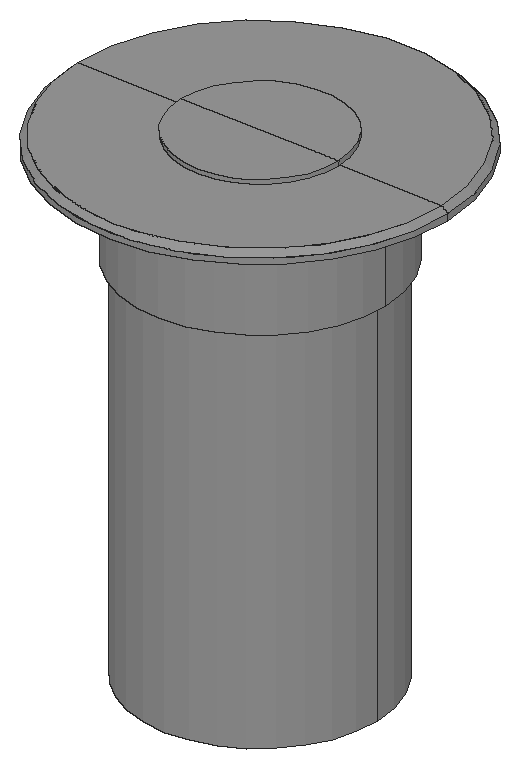
Revit family "Interrata - Copy - Copy (2)", category Lighting Fixtures, host Face, Revit 2017
Family settings
  Host = Face
  Round Connector Dimension = Use Diameter
  Part Type = Normal
  OmniClass Number = 23.80.70.00
  OmniClass Title = Lighting
  Cut with Voids When Loaded = No
  Light Source = No
  Shared = No
  Room Calculation Point = No
Parameters (values of type "0049039")
  XS_SYL = yes
  Weight = ""
  Wattage Comments = ""
  WarrantyStartDate [instance] = "n/a"
  WarrantyGuarantorParts = "n/a"
  WarrantyDurationUnit = "n/a"
  WarrantyDurationParts = "n/a"
  WarrantyDescription = "n/a"
  Voltage = 0 V
  URL = "http://www.sylvania-lighting.com"
  TypeName = ""
  TypeLamp_SYL = Interrata Lamp : 0049039 INTERRATA XS  CLEAR 100LM 840 NB
  Type Image = <None>
  Type Comments = "n/a"
  Thickness_SYL = 2.5 mm  # constant formula
  Step2_SYL = if(XS_SYL, 99.8 mm, if(S_SYL, 121 mm, if(L_SYL, 236 mm, 206 mm)))  # 99.8 mm
  Step1_SYL = if(XS_SYL, 26.2 mm, if(S_SYL, 15 mm, if(L_SYL, 19.5 mm, 17.5 mm)))  # 26.2 mm
  SerialNumber [instance] = "n/a"
  S_SYL = no
  RotationAngle_SYL [instance] = 0.00°
  RingHeight_SYL = if(XS_SYL, 3 mm, if(S_SYL, 3 mm, if(L_SYL, 4 mm, 2.8 mm)))  # 3 mm
  RevolutionAxisFromRefLevel_SYL = if(XS_SYL, 27 mm, if(S_SYL, 45 mm, if(L_SYL, 74 mm, 59.5 mm)))  # 27 mm
  Radius_SYL = if(XS_SYL, 50 mm, if(S_SYL, 60 mm, if(L_SYL, 130 mm, 100 mm)))  # 50 mm
  Radius3_SYL = if(XS_SYL, 31.5 mm, if(S_SYL, 41.7 mm, if(L_SYL, 112 mm, 96 mm)))  # 31.5 mm
  Radius2_SYL = if(XS_SYL, 33.5 mm, if(S_SYL, 53 mm, if(L_SYL, 124 mm, 98 mm)))  # 33.5 mm
  Material_3_SYL = none
  PowerFactor = 0
  PowerConsumption = ""
  NominalLength = 0 mm
  NominalHeight = 0 mm
  NominalDepth = 0 mm
  Name = ""
  ModelReference = Name  # ""
  ModelNumber = ""
  Model = Name  # ""
  Material = ""
  ManufacturerName = "Feilo Sylvania"
  Manufacturer = "Feilo Sylvania"
  L_SYL = no
  LuminousEfficacy = ""
  LuminaireType = ""
  LightOutputRatio = ""
  LampsType = Lamp  # ""
  EndAngle_SYL [instance] = RotationAngle_SYL + 180.00°  # 180.00°
  BodyThickness_SYL = 3 mm  # constant formula
  BodyHeight3_SYL = if(XS_SYL, 80 mm, if(S_SYL, 45 mm, if(L_SYL, 21 mm, 29.4 mm)))  # 80 mm
  BodyRad_SYL = if(XS_SYL, 30 mm, if(S_SYL, 50 mm, if(L_SYL, 120 mm, 95 mm)))  # 30 mm
  LampNominalLuminous = ""
  LampMacAdamStep = ""
  BodyRad2_SYL = if(XS_SYL, 16.5 mm, if(S_SYL, 35.5 mm, if(L_SYL, 82.5 mm, 54.5 mm)))  # 16.5 mm
  BodyRad1_SYL = if(XS_SYL, 23.6 mm, if(S_SYL, 35.5 mm, if(L_SYL, 99.4 mm, 68.5 mm)))  # 23.6 mm
  BodyHeight4_SYL = if(XS_SYL, 5.5 mm, if(S_SYL, 45 mm, if(L_SYL, 82.2 mm, 66.6 mm)))  # 5.5 mm
  BodyHeight2_SYL = if(XS_SYL, 4.5 mm, if(S_SYL, 5.5 mm, if(L_SYL, 34 mm, 19.5 mm)))  # 4.5 mm
  BodyHeight1_SYL = if(XS_SYL, 4.5 mm, if(S_SYL, 4 mm, if(L_SYL, 14 mm, 9.5 mm)))  # 4.5 mm
  LampColourTemperature = ""
  LampColourRenderingIndex = ""
  Lamp = ""
  Keynote = "16500"
  InstallationDate [instance] = "n/a"
  InputVoltage = ""
  InputNominalFrequency = ""
  IngressProtection = ""
  ImpactProtectionIndex = ""
  IfcExportType = "IfcLightFixtureType"
  IfcExportAs = "IfcLightFixtureType"
  ElectricShockClassification = ""
  DocumentationLiterature = ""
  DimmingControlOptions = ""
  Material_2_SYL = Polycarbonate, Clear
  DiffuserRad_SYL = if(XS_SYL, 21 mm, if(S_SYL, 33 mm, if(L_SYL, 94 mm, 66 mm)))  # 21 mm
  Description = ""
  Default Elevation = 100 mm
  CreatedOn = ""
  CreatedBy = ""
  Cost = 0
  built-in parameter 1114216 [instance] = (empty or 0)
  ClassificationValue = "EF_70_80"
  ClassificationName = "Uniclass2015"
  Material_1_SYL = Stainless Steel
  Chamfer_SYL = 1.5 mm  # constant formula
  BarCode [instance] = "n/a"
  AssetType = ""
  AssetIdentifier [instance] = "n/a"
  Assembly Code = "D5020200"
  Apparent Load = 0 VA
  Material_4_SYL = none
Types (10, lengths in mm): name | XS_SYL | TypeLamp_SYL | Step2_SYL | Step1_SYL | S_SYL | RingHeight_SYL | RevolutionAxisFromRefLevel_SYL | Radius_SYL | Radius3_SYL | Radius2_SYL | L_SYL | BodyHeight3_SYL | BodyRad_SYL | BodyRad2_SYL | BodyRad1_SYL | BodyHeight4_SYL | BodyHeight2_SYL | BodyHeight1_SYL | DiffuserRad_SYL
  0049036 | yes | Interrata Lamp : 0049036 INTERRATA XS  FROSTED 100LM 830  | 99.8 | 26.2 | no | 3 | 27 | 50 | 31.5 | 33.5 | no | 80 | 30 | 16.5 | 23.6 | 5.5 | 4.5 | 4.5 | 21
  0049042 | no | Interrata Lamp : 0049042 INTERRATA ADJUSTABLE M  CL 1000LM 830 MB | 206 | 17.5 | no | 2.8 | 59.5 | 100 | 96 | 98 | no | 29.4 | 95 | 54.5 | 68.5 | 66.6 | 19.5 | 9.5 | 66
  0049043 | no | Interrata Lamp : 0049043 INTERRATA ADJUSTABLE M  CL 1000LM 840 MB | 206 | 17.5 | no | 2.8 | 59.5 | 100 | 96 | 98 | no | 29.4 | 95 | 54.5 | 68.5 | 66.6 | 19.5 | 9.5 | 66
  0049044 | no | Interrata Lamp : 0049044 INTERRATA ADJUSTABLE L  CL 2000LM 830 MB | 236 | 19.5 | no | 4 | 74 | 130 | 112 | 124 | yes | 21 | 120 | 82.5 | 99.4 | 82.2 | 34 | 14 | 94
  0049037 | yes | Interrata Lamp : 0049037 INTERRATA XS  FROSTED 100LM 840  | 99.8 | 26.2 | no | 3 | 27 | 50 | 31.5 | 33.5 | no | 80 | 30 | 16.5 | 23.6 | 5.5 | 4.5 | 4.5 | 21
  0049039 | yes | Interrata Lamp : 0049039 INTERRATA XS  CLEAR 100LM 840 NB | 99.8 | 26.2 | no | 3 | 27 | 50 | 31.5 | 33.5 | no | 80 | 30 | 16.5 | 23.6 | 5.5 | 4.5 | 4.5 | 21
  0049038 | yes | Interrata Lamp : 0049038 INTERRATA XS  CLEAR 100LM 830 NB | 99.8 | 26.2 | no | 3 | 27 | 50 | 31.5 | 33.5 | no | 80 | 30 | 16.5 | 23.6 | 5.5 | 4.5 | 4.5 | 21
  0049040 | no | Interrata Lamp : 0049040 INTERRATA ADJUSTABLE S  CL 400LM 830 MB | 121 | 15 | yes | 3 | 45 | 60 | 41.7 | 53 | no | 45 | 50 | 35.5 | 35.5 | 45 | 5.5 | 4 | 33
  0049041 | no | Interrata Lamp : 0049041 INTERRATA ADJUSTABLE S  CL 400LM 840 MB | 121 | 15 | yes | 3 | 45 | 60 | 41.7 | 53 | no | 45 | 50 | 35.5 | 35.5 | 45 | 5.5 | 4 | 33
  0049045 | no | Interrata Lamp : 0049045 INTERRATA ADJUSTABLE L  CL 2000LM 840 MB | 236 | 19.5 | no | 4 | 74 | 130 | 112 | 124 | yes | 21 | 120 | 82.5 | 99.4 | 82.2 | 34 | 14 | 94
Reference planes
  plane 1 "Center (Front/Back)": y = 0
  plane 2: z = 1.5
  plane 3 "Center (Left/Right)": x = 0
  plane 4: z = 3
  plane 5: x = -21
  plane 6: x = -48.5
  plane 7: x = -50
  plane 8: x = -33.5
  plane 9: z = 4
  plane 10: z = -26.2
  plane 11: z = -126
  plane 12: x = -31.5
  plane 13: x = -30
  plane 14: z = -4.5
  plane 15: z = -9
  plane 16: x = -31
  plane 17: z = -23.7
  plane 18: x = -29
  plane 19: z = -89
  plane 20: z = -94.5
  plane 21: x = -23.6
  plane 22: x = -16.5
  plane 23: x = -27
  plane 24: x = -20.6
  plane 25: x = -13.5
  plane 26: z = -91.5
  plane 27: z = -1.5
  plane 28: z = -27
Forms (mm)
  Revolve 1, solid, material "Stainless Steel" <- "Material_1_SYL"
    sketch origin (0, 0, 0) x (1, 0, 0) y (0, 0, 1)
      loop
        line (-21, 3) -> (-48.5, 3) -> (-50, 1.5) -> (-50, 0) -> (-33.5, 0) -> (-33.5, -26.2) -> (-31.5, -26.2) -> (-31.5, -126) -> (-29, -126) -> (-29, -23.7) -> (-31, -23.7) -> (-31, 0) -> (-21, 0) -> (-21, 3)
      axis (0, 3) -> (0, -126)
    angle from 360 to 0
  Revolve 2, void
    sketch origin (0, 0, 0) x (1, 0, 0) y (0, 0, 1)
      loop
        line (-33.5, 0) -> (-33.5, -126) -> (0, -126) -> (0, 0) -> (-33.5, 0)
      axis (0, 0) -> (0, -126)
    angle from 360 to 0
  Revolve 3, solid, material "Polycarbonate, Clear" <- "Material_2_SYL", detail levels medium+fine
    sketch origin (0, 0, 0) x (1, 0, 0) y (0, 0, 1)
      loop
        line (0, 4) -> (-21, 4) -> (-21, 1.5) -> (0, 1.5) -> (0, 4)
      axis (0, 4) -> (0, 1.5)
    angle from 360 to 0
  Revolve 4, solid, detail levels medium+fine
    sketch origin (0, 0, 0) x (1, 0, 0) y (0, 0, 1)
      loop
        line (-27, 0) -> (-30, 0) -> (-30, -4.5) -> (-23.6, -4.5) -> (-23.6, -9) -> (-16.5, -89) -> (-16.5, -94.5) -> (0, -94.5) -> (0, -91.5) -> (-13.5, -91.5) -> (-13.5, -88.322) -> (-20.6, -8.322) -> (-20.6, -1.5) -> (-27, -1.5) -> (-27, 0)
      axis (0, 0) -> (0, -94.5)
    angle from 360 to 0
  Revolve 5, solid
    sketch origin (-1524.19, -4572, -27) x (-1, 0, 0) y (0, -1, 0)
      loop
        line (-1524.19, -4572) -> (-1524.19, -4582) -> (-1514.19, -4582) -> (-1514.19, -4572) -> (-1524.19, -4572)
      axis (-1524.19, -4582) -> (-1524.19, -4572)
    angle from 0 <- "RotationAngle_SYL" to 180 <- "EndAngle_SYL"
Dimensions and locks
  "DiffuserRad_SYL": plane 3 "Center (Left/Right)" to plane 5
  "Radius_SYL": plane 3 "Center (Left/Right)" to plane 7
  "Chamfer_SYL": plane 6 to plane 7
  "Radius2_SYL": plane 3 "Center (Left/Right)" to plane 8
  locked: plane 9 to plane 4 at 1
  "RingHeight_SYL": plane 4 to level
  "Chamfer_SYL": plane 4 to plane 2
  "Step1_SYL": level to plane 10
  "Step2_SYL": plane 10 to plane 11
  "Radius3_SYL": plane 3 "Center (Left/Right)" to plane 12
  "BodyRad_SYL": plane 3 "Center (Left/Right)" to plane 13
  "BodyHeight1_SYL": level to plane 14
  "BodyHeight2_SYL": plane 14 to plane 15
  "Thickness_SYL": plane 16 to plane 8
  "Thickness_SYL": plane 17 to plane 10
  "Thickness_SYL": plane 18 to plane 12
  "BodyHeight3_SYL": plane 15 to plane 19
  "BodyHeight4_SYL": plane 19 to plane 20
  "BodyRad1_SYL": plane 3 "Center (Left/Right)" to plane 21
  "BodyRad2_SYL": plane 3 "Center (Left/Right)" to plane 22
  "BodyThickness_SYL": plane 26 to plane 20
  "BodyThickness_SYL": plane 25 to plane 22
  "BodyThickness_SYL": plane 24 to plane 21
  "BodyThickness_SYL": plane 23 to plane 13
  "BodyThickness_SYL": plane 27 to plane 14
  "RevolutionAxisFromRefLevel_SYL": level to plane 28
  aligned and locked: level to host face
  aligned and locked: Revolve 1 sketch curve to plane 4
  aligned and locked: plane 7 to Revolve 1 sketch curve
  aligned and locked: Revolve 1 sketch curve to level
  aligned and locked: plane 10 to Revolve 1 sketch curve
  aligned and locked: Revolve 1 sketch curve to plane 12
  aligned and locked: plane 5 to Revolve 1 sketch curve
  aligned and locked: Revolve 1 sketch curve to plane 3 "Center (Left/Right)"
  aligned and locked: Revolve 1 sketch curve to plane 11
  aligned and locked: Revolve 2 sketch curve to plane 3 "Center (Left/Right)"  (x2)
  aligned and locked: Revolve 3 sketch curve to plane 9
  aligned and locked: Revolve 3 sketch curve to plane 5
  aligned and locked: Revolve 3 sketch curve to plane 2
  aligned and locked: plane 3 "Center (Left/Right)" to Revolve 3 sketch curve
  aligned and locked: Revolve 3 sketch curve to plane 3 "Center (Left/Right)"
  aligned and locked: Revolve 1 sketch curve to plane 18
  aligned and locked: plane 17 to Revolve 1 sketch curve
  aligned and locked: Revolve 4 sketch curve to plane 3 "Center (Left/Right)"  (x2)
  aligned and locked: Revolve 4 sketch curve to plane 26
  aligned and locked: Revolve 4 sketch curve to plane 20
  aligned and locked: Revolve 4 sketch curve to plane 22
  aligned and locked: Revolve 4 sketch curve to plane 25
  aligned and locked: plane 15 to Revolve 4 sketch curve
  aligned and locked: plane 21 to Revolve 4 sketch curve
  aligned and locked: Revolve 1 sketch curve to plane 8
  aligned and locked: Revolve 1 sketch curve to plane 16
  aligned and locked: plane 8 to Revolve 2 sketch curve
  aligned and locked: Revolve 2 sketch curve to level
  aligned and locked: Revolve 2 sketch curve to plane 11
  aligned and locked: Revolve 5 sketch curve to plane 1 "Center (Front/Back)"
  aligned and locked: Revolve 5 sketch curve to plane 3 "Center (Left/Right)"  (x2)
Automatic sketch dimensions
  host sketch curve to host sketch curve = 632.037 mm  (x2)
  plane 11 to Revolve 3 sketch curve = 386.1 mm
  Revolve 3 sketch curve to Revolve 3 sketch curve = 2605.258 mm
  Revolve 4 sketch curve to level = 0 mm
  Revolve 4 sketch curve to plane 13 = 0 mm
  Revolve 4 sketch curve to plane 23 = 0 mm
  Revolve 4 sketch curve to plane 14 = 0 mm
  Revolve 4 sketch curve to plane 24 = 0 mm
  Revolve 4 sketch curve to plane 19 = 0 mm
  Revolve 4 sketch curve to plane 27 = 0 mm
  plane 19 to Revolve 4 sketch curve = 0.678 mm
  plane 15 to Revolve 4 sketch curve = 0.678 mm
  plane 11 to Revolve 4 sketch curve = 386.1 mm
  Revolve 4 sketch curve to plane 9 = 2605.258 mm
  Revolve 1 sketch curve to plane 6 = 0 mm
  Revolve 1 sketch curve to level = 0 mm
  Revolve 1 sketch curve to plane 2 = 0 mm
  plane 11 to Revolve 1 sketch curve = 386.1 mm
  Revolve 1 sketch curve to plane 9 = 2605.258 mm
  plane 11 to Revolve 2 sketch curve = 386.1 mm
  Revolve 2 sketch curve to plane 9 = 2605.258 mm
  Revolve 5 sketch curve to plane 3 "Center (Left/Right)" = 10 mm
  Revolve 5 sketch curve to plane 1 "Center (Front/Back)" = 10 mm
  Revolve 5 sketch curve to Revolve 5 sketch curve = 1514 mm
  Revolve 5 sketch curve to Revolve 5 sketch curve = 1524 mm
Nested families
  nested 1: "Interrata Lamp" at (0, 0, -27) x (0, -1, 0) z (0, 0, 1), type <- "TypeLamp_SYL", type "0049039 INTERRATA XS  CLEAR 100LM 840 NB"
    with built-in parameter 1114216 (empty or 0)
Connectors
  electrical at (0, 0, -126), driven by "Voltage", driven by "Apparent Load", driven by "PowerFactor"
    settings: on Revolve 1, index 1, voltage 0 V, apparent load 0 VA, apparent load phase1 0 VA, apparent load phase2 0 VA, apparent load phase3 0 VA, power factor 0, load classification "Other", number of poles 1, system type 30, power factor state 1, is connector primary yes, connector utility no, sub classification motor no, connector description ""
Definition of nested family "Interrata Lamp"
  Parameters (values of type "0049038 INTERRATA XS  CLEAR 100LM 830 NB")
    XS_SYL = yes
    Wattage Comments = "n/a"
    Wattage = 0 W
    built-in parameter 1150110 = 1 (stored number, unit not read)
    URL = "http://www.sylvania-lighting.com"
    Type Image = (empty or 0)
    Type Comments = "n/a"
    built-in parameter 1114217 = 1 (stored number, unit not read)
    Tilt Angle = -90.00°
    built-in parameter 1150109 = 1 (stored number, unit not read)
    built-in parameter 1150134 = (empty or 0)
    built-in parameter 1150113 = 1 (stored number, unit not read)
    S_SYL = no
    Rad_SYL = if(XS_SYL, 27.5 mm, if(S_SYL, 17 mm, if(L_SYL, 36 mm, 41 mm)))  # 27.5 mm
    Rad4_SYL = if(XS_SYL, 11 mm, if(S_SYL, 20 mm, if(L_SYL, 55 mm, 40 mm)))  # 11 mm
    Rad3_SYL = if(XS_SYL, 12.5 mm, if(S_SYL, 24 mm, if(L_SYL, 57 mm, 41 mm)))  # 12.5 mm
    Rad2_SYL = if(XS_SYL, 20.2 mm, if(S_SYL, 29 mm, if(L_SYL, 75 mm, 51.5 mm)))  # 20.2 mm
    Photometric Web File = ""
    built-in parameter 1150142 = (empty or 0)
    Material_3_SYL = none
    Model = "INTERRATA XS IP67 CLEAR 100LM 830 NB"
    Manufacturer = "Feilo Sylvania"
    built-in parameter 1150105 = (empty or 0)
    Lumens = 0 lm
    built-in parameter 1150115 = 1 (stored number, unit not read)
    built-in parameter 1150137 = (empty or 0)
    built-in parameter 1150139 = (empty or 0)
    built-in parameter 1150112 = 1 (stored number, unit not read)
    built-in parameter 1150114 = 1 (stored number, unit not read)
    Lamp = "LED"
    L_SYL = no
    Keynote = "16500"
    Material_2_SYL = none
    built-in parameter 1150132 = (empty or 0)
    built-in parameter 1150102 = (empty or 0)
    built-in parameter 1150107 = (empty or 0)
    built-in parameter 1150138 = (empty or 0)
    built-in parameter 1150106 = 1.0982 (stored number, unit not read)
    Height4_SYL = if(XS_SYL, 9.1 mm, if(S_SYL, 10 mm, if(L_SYL, 22 mm, 10.5 mm)))  # 9.1 mm
    Height3_SYL = if(XS_SYL, 4 mm, if(S_SYL, 8 mm, if(L_SYL, 8.7 mm, 6.7 mm)))  # 4 mm
    Height2_SYL = if(XS_SYL, 7.4 mm, if(S_SYL, 2 mm, if(L_SYL, 2 mm, 2 mm)))  # 7.4 mm
    Height1_SYL = if(XS_SYL, 6.5 mm, if(S_SYL, 8.3 mm, if(L_SYL, 19.5 mm, 18.3 mm)))  # 6.5 mm
    Emit from Circle Diameter = Rad_SYL * 2  # 55 mm
    Emit Shape Visible in Rendering = no
    built-in parameter 1150104 = (empty or 0)
    Dimming Lamp Color Temperature Shift = (empty or 0)
    Description = ""
    Default Elevation = 1219.2 mm
    Cost = 0
    Color Filter = 16777215
    built-in parameter 1114216 [instance] = (empty or 0)
    Material_1_SYL = none
    BottomFromRefLevel = if(XS_SYL, 0.1 mm, if(S_SYL, 4 mm, if(L_SYL, 7 mm, 0.1 mm)))  # 0.1 mm
    built-in parameter 1114218 = 1 (stored number, unit not read)
    built-in parameter 1150133 = 10 (stored number, unit not read)
    Assembly Code = "D5020200"
    Apparent Load = 0 VA
    Material_4_SYL = none
  Types (16, lengths in mm): name | XS_SYL | S_SYL | Rad_SYL | Rad4_SYL | Rad3_SYL | Rad2_SYL | Model | L_SYL | Height4_SYL | Height3_SYL | Height2_SYL | Height1_SYL | Emit from Circle Diameter | BottomFromRefLevel
    0049051 INTERRATA ADJUSTABLE L HONEYCOMB | no | no | 36 | 55 | 57 | 75 | "INTERRATA ADJUSTABLE L HONEYCOMB" | yes | 22 | 8.7 | 2 | 19.5 | 72 | 7
    0049050 INTERRATA ADJUSTABLE M HONEYCOMB | no | no | 41 | 40 | 41 | 51.5 | "INTERRATA ADJUSTABLE M HONEYCOMB" | no | 10.5 | 6.7 | 2 | 18.3 | 82 | 0.1
    0049049 INTERRATA ADJUSTABLE S HONEYCOMB | no | yes | 17 | 20 | 24 | 29 | "INTERRATA ADJUSTABLE S HONEYCOMB" | no | 10 | 8 | 2 | 8.3 | 34 | 4
    0049048 INTERRATA ADJUSTABLE L  FROSTED GLASS | no | no | 36 | 55 | 57 | 75 | "INTERRATA ADJUSTABLE L  FROSTED GLASS" | yes | 22 | 8.7 | 2 | 19.5 | 72 | 7
    0049047 INTERRATA ADJUSTABLE M FROSTED GLASS | no | no | 41 | 40 | 41 | 51.5 | "INTERRATA ADJUSTABLE M FROSTED GLASS" | no | 10.5 | 6.7 | 2 | 18.3 | 82 | 0.1
    0049046 INTERRATA ADJUSTABLE S FROSTED GLASS | no | yes | 17 | 20 | 24 | 29 | "INTERRATA ADJUSTABLE S FROSTED GLASS" | no | 10 | 8 | 2 | 8.3 | 34 | 4
    0049045 INTERRATA ADJUSTABLE L  CL 2000LM 840 MB | no | no | 36 | 55 | 57 | 75 | "INTERRATA ADJUSTABLE L IP67 CLEAR 2000LM 840 MB" | yes | 22 | 8.7 | 2 | 19.5 | 72 | 7
    0049044 INTERRATA ADJUSTABLE L  CL 2000LM 830 MB | no | no | 36 | 55 | 57 | 75 | "INTERRATA ADJUSTABLE L IP67 CLEAR 2000LM 830 MB" | yes | 22 | 8.7 | 2 | 19.5 | 72 | 7
    0049043 INTERRATA ADJUSTABLE M  CL 1000LM 840 MB | no | no | 41 | 40 | 41 | 51.5 | "INTERRATA ADJUSTABLE M IP67 CLEAR 1000LM 840 MB" | no | 10.5 | 6.7 | 2 | 18.3 | 82 | 0.1
    0049042 INTERRATA ADJUSTABLE M  CL 1000LM 830 MB | no | no | 41 | 40 | 41 | 51.5 | "INTERRATA ADJUSTABLE M IP67 CLEAR 1000LM 830 MB" | no | 10.5 | 6.7 | 2 | 18.3 | 82 | 0.1
    0049041 INTERRATA ADJUSTABLE S  CL 400LM 840 MB | no | yes | 17 | 20 | 24 | 29 | "INTERRATA ADJUSTABLE S IP67 CLEAR 400LM 840 MB" | no | 10 | 8 | 2 | 8.3 | 34 | 4
    0049040 INTERRATA ADJUSTABLE S  CL 400LM 830 MB | no | yes | 17 | 20 | 24 | 29 | "INTERRATA ADJUSTABLE S IP67 CLEAR 400LM 830 MB" | no | 10 | 8 | 2 | 8.3 | 34 | 4
    0049039 INTERRATA XS  CLEAR 100LM 840 NB | yes | no | 27.5 | 11 | 12.5 | 20.2 | "INTERRATA XS IP67 CLEAR 100LM 840 NB" | no | 9.1 | 4 | 7.4 | 6.5 | 55 | 0.1
    0049038 INTERRATA XS  CLEAR 100LM 830 NB | yes | no | 27.5 | 11 | 12.5 | 20.2 | "INTERRATA XS IP67 CLEAR 100LM 830 NB" | no | 9.1 | 4 | 7.4 | 6.5 | 55 | 0.1
    0049037 INTERRATA XS  FROSTED 100LM 840 | yes | no | 27.5 | 11 | 12.5 | 20.2 | "INTERRATA XS IP67 FROSTED 100LM 840" | no | 9.1 | 4 | 7.4 | 6.5 | 55 | 0.1
    0049036 INTERRATA XS  FROSTED 100LM 830 | yes | no | 27.5 | 11 | 12.5 | 20.2 | "INTERRATA XS IP67 FROSTED 100LM 830" | no | 9.1 | 4 | 7.4 | 6.5 | 55 | 0.1
  Reference planes
    plane 1 "Center (Front/Back)": y = 0
    plane 2: z = 0
    plane 3 "Center (Left/Right)": x = 0
    plane 4: z = -0.1
    plane 5: z = 9
    plane 6: z = 13
    plane 7: z = 20.4
    plane 8: z = 26.9
    plane 9: x = -11
    plane 10: x = -12.5
    plane 11: x = -20.2
    plane 12: x = -27.5
  Forms (mm)
    Extrusion 1, solid
      sketch origin (4.2, 0, 0) x (1, 0, 0) y (0, 1, 0)
        loop
          line (-43.406, 38.688) -> (-43.406, -41.283) -> (36.565, -41.283) -> (36.565, 38.688) -> (-43.406, 38.688)
      from 0 to -68.017
    Revolve 2, solid, material <- "Material_1_SYL"
      sketch origin (0, 0, 0) x (1, 0, 0) y (0, 0, 1)
        loop
          line (0, 26.9) -> (-27.5, 26.9) -> (-27.5, 20.4) -> (-20.2, 20.4) -> (-20.2, 13) -> (-12.5, 13) -> (-12.5, 9) -> (-11, 9) -> (-11, -0.1) -> (0, -0.1) -> (0, 26.9)
        axis (0, 26.9) -> (0, -0.1)
      angle from 360 to 0
  Dimensions and locks
    "BottomFromRefLevel": level to plane 4
    "Height4_SYL": plane 5 to plane 4
    "Height3_SYL": plane 6 to plane 5
    "Height2_SYL": plane 7 to plane 6
    "Height1_SYL": plane 8 to plane 7
    "Rad4_SYL": plane 3 "Center (Left/Right)" to plane 9
    "Rad3_SYL": plane 3 "Center (Left/Right)" to plane 10
    "Rad2_SYL": plane 3 "Center (Left/Right)" to plane 11
    "Rad_SYL": plane 3 "Center (Left/Right)" to plane 12
    aligned and locked: plane 2 to Extrusion 1
    aligned and locked: level to Extrusion 1
    aligned and locked: Revolve 2 sketch curve to plane 3 "Center (Left/Right)"
    aligned and locked: plane 8 to Revolve 2 sketch curve
    aligned and locked: Revolve 2 sketch curve to plane 12
    aligned and locked: Revolve 2 sketch curve to plane 7
    aligned and locked: Revolve 2 sketch curve to plane 11
    aligned and locked: Revolve 2 sketch curve to plane 6
    aligned and locked: Revolve 2 sketch curve to plane 10
    aligned and locked: Revolve 2 sketch curve to plane 9
    aligned and locked: Revolve 2 sketch curve to plane 5
    aligned and locked: Revolve 2 sketch curve to plane 4
    aligned and locked: plane 3 "Center (Left/Right)" to Revolve 2 sketch curve
    aligned and locked: plane 8 to imposter light
    aligned and locked: plane 3 "Center (Left/Right)" to imposter light
  Automatic sketch dimensions
    Revolve 2 sketch curve to level = 609.6 mm
    Revolve 2 sketch curve to Revolve 2 sketch curve = 2572.058 mm
    Extrusion 1 sketch curve to Extrusion 1 sketch curve = 79.971 mm  (x2)
